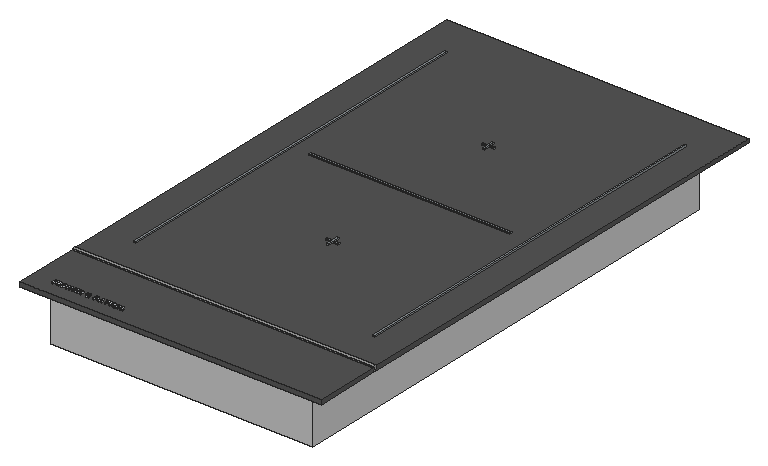
Revit family "FP_Revit_18_CI302DTB3_Cooktop_90000840A", category Specialty Equipment, Revit 2018
Family settings
  Round Connector Dimension = Use Diameter
  Part Type = Normal
  OmniClass Number = 23.40.40.14.17.11
  OmniClass Title = Cookers, Ovens, Stoves
  Work Plane-Based = No
  Always vertical = Yes
  Cut with Voids When Loaded = Yes
  Shared = No
  Room Calculation Point = No
Parameters
  Visibility - Clearance Required = yes
  URL = "www.fisherpaykel.com"
  Product - Width = 299 mm  # constant formula
  Product - Height = 54 mm  # constant formula
  Product - Depth = 530 mm  # constant formula
  Model = "CI302DTB3"
  Material - Trim = Fisher & Paykel - Steel, Chrome Plated
  Material - Graphics = Fisher & Paykel - Graphics Grey
  Material - Cooktop = Fisher & Paykel - Glass, Black
  Material - Body = Fisher & Paykel - Grey
  Manufacturer = "Fisher & Paykel Appliances"
  FFL Offset [instance] = 900 mm
  Description = "30cm Induction Cooktop"
  Connector Note - Electrical = "220-240 V, 16 A, 50 Hz,"
  Clearance - Side Combustible = 30 mm  # constant formula
  Clearance - Rear Combustible = 30 mm  # constant formula
  Clearance - Overhead Rangehood = 650 mm  # constant formula
  Clearance - Below = 65 mm  # constant formula
  Chassis - Width = 260 mm  # constant formula
  Chassis - Height = 49 mm  # constant formula
  Chassis - Depth = 480 mm  # constant formula
  Cavity - Width = 265 mm  # constant formula
  Cavity - Height = 65 mm  # constant formula
  Cavity - Depth = 490 mm  # constant formula
Reference planes
  plane 1 "Datum": y = 0
  plane 2: z = 0
  plane 3 "Center (Left/Right)": x = 0
  plane 4 "Product LHS": x = -149.5
  plane 5 "Product RHS": x = 149.5
  plane 6 "Product - Depth": y = 530
  plane 7 "Cavity LHS": x = -132.5
  plane 8 "Cavity RHS": x = 132.5
  plane 9 "Cavity - Depth": y = 497.2
  plane 10 "Chassis Front": y = 13.2
  plane 11 "Chassis - Depth": y = 493.2
  plane 12 "Cavity - Front": y = 7.2
  plane 13 "Basepan": z = 851
  plane 14 "Benchtop": z = 900
  plane 15 "Glass": z = 905
Forms (mm)
  Extrusion 1, solid, material "Fisher & Paykel - Glass, Black" <- "Material - Cooktop"
    sketch origin (0, 0, 0) x (0, 1, 0) y (0, 0, 1)
      loop
        line (0, 905) -> (0, 901) -> (65, 901) -> (65, 905) -> (0, 905)
      loop
        line (530, 905) -> (68, 905) -> (68, 901) -> (530, 901) -> (530, 905)
    from -149.5 to 149.5
  Extrusion 2, solid, material "Fisher & Paykel - Clearance Required (Cutout)", visible <- "Visibility - Clearance Required", detail levels coarse
    sketch origin (0, 24.768, 0) x (1, 0, 0) y (0, 1, 0)
      loop
        line (-132.5, 472.432) -> (-132.5, -17.568) -> (132.5, -17.568) -> (132.5, 472.432) -> (-132.5, 472.432)
    from 835 to 900
  Extrusion 3, solid, material "Fisher & Paykel - Steel, Chrome Plated" <- "Material - Trim", detail levels medium+fine
    sketch origin (0, 0, 0) x (0, 1, 0) y (0, 0, 1)
      loop
        line (68, 901) -> (68, 906) -> (65, 906) -> (65, 901) -> (68, 901)
    from -149.5 to 149.5
  Extrusion 4, solid, material "Fisher & Paykel - Clearance Required (Rangehood)", visible <- "Visibility - Clearance Required", detail levels coarse
    sketch origin (0, 0, 0) x (1, 0, 0) y (0, 1, 0)
      loop
        line (-162.5, 0) -> (162.5, 0) -> (162.5, 527.2) -> (-162.5, 527.2) -> (-162.5, 0)
    from 905 to 1555
  Extrusion 5, solid, material "Fisher & Paykel - Grey" <- "Material - Body"
    sketch origin (0, 0, 0) x (0, 1, 0) y (0, 0, 1)
      loop
        line (493.2, 851) -> (493.2, 900) -> (13.2, 900) -> (13.2, 851) -> (493.2, 851)
    from -130 to 130
  Extrusion 6, solid, material "Fisher & Paykel - Grey" <- "Material - Body"
    sketch origin (-151, 0, 0) x (1, 0, 0) y (0, 1, 0)
      loop
        line (15.5, 520.2) -> (15.5, 8.39) -> (286.5, 8.39) -> (286.5, 520.2) -> (15.5, 520.2)
    from 900 to 901
  Extrusion 7, solid, material "Fisher & Paykel - Graphics Grey" <- "Material - Graphics", detail levels fine
    sketch origin (0, 0, 0) x (1, 0, 0) y (0, 1, 0)
      loop
        line (-119.982, 489.688) -> (-119.982, 103.77) -> (-117.782, 103.77) -> (-117.782, 489.688) -> (-119.982, 489.688)
      loop
        line (117.568, 103.77) -> (119.768, 103.77) -> (119.768, 489.908) -> (117.568, 489.908) -> (117.568, 103.77)
      loop
        line (-100, 298.273) -> (-100, 296.073) -> (100, 296.073) -> (100, 298.273) -> (-100, 298.273)
      loop
        line (1.001, 400.223) -> (-0.967, 400.223) -> (-0.967, 395.057) -> (-6.133, 395.057) -> (-6.133, 393.089) -> (-0.967, 393.089) -> (-0.967, 387.923) -> (1.001, 387.923) -> (1.001, 393.089) -> (6.167, 393.089) -> (6.167, 395.057) -> (1.001, 395.057) -> (1.001, 400.223)
      loop
        line (1.001, 207.02) -> (-0.967, 207.02) -> (-0.967, 201.854) -> (-6.133, 201.854) -> (-6.133, 199.886) -> (-0.967, 199.886) -> (-0.967, 194.72) -> (1.001, 194.72) -> (1.001, 199.886) -> (6.167, 199.886) -> (6.167, 201.854) -> (1.001, 201.854) -> (1.001, 207.02)
    from 905 to 906
  Extrusion 8, solid, material "Fisher & Paykel - Grey" <- "Material - Body", detail levels fine
    sketch origin (0, 0, 0) x (1, 0, 0) y (0, 1, 0)
      loop
        circle (0, 473.2) r 5
    from 845 to 851
  Extrusion 9, void
    sketch origin (0, 24.768, 0) x (1, 0, 0) y (0, 1, 0)
      loop
        line (-132.5, 472.432) -> (-132.5, -17.568) -> (132.5, -17.568) -> (132.5, 472.432) -> (-132.5, 472.432)
    from 835 to 900
Text (mm)
  text "Due to ongoing product development, product details are subject to change without notice. \nPlease always refer to www.fisherpaykel.com for the most current product information. \n© Fisher & Paykel 2020" at (41.04, -102.478, 0), in view "Ref. Level (Plan)"
Dimensions and locks
  equal spacing: plane 4 "Product LHS", plane 3 "Center (Left/Right)", plane 5 "Product RHS"
  "Product - Width": plane 4 "Product LHS" to plane 5 "Product RHS"
  equal spacing: plane 7 "Cavity LHS", plane 3 "Center (Left/Right)", plane 8 "Cavity RHS"
  "Cavity - Width": plane 7 "Cavity LHS" to plane 8 "Cavity RHS"
  "Product - Depth": Extrusion 1 to plane 1 "Datum"
  equal spacing: Extrusion 5, plane 3 "Center (Left/Right)", Extrusion 5
  "Chassis - Width": Extrusion 5 to Extrusion 5
  equal spacing: Extrusion 6, plane 3 "Center (Left/Right)", Extrusion 6
  locked: plane 1 "Datum" to plane 10 "Chassis Front" at 13.2
  plane 10 "Chassis Front" to plane 12 "Cavity - Front" = 6 mm
  "Cavity - Depth": plane 9 "Cavity - Depth" to plane 12 "Cavity - Front"
  "Chassis - Depth": plane 11 "Chassis - Depth" to plane 10 "Chassis Front"
  "FFL Offset": plane 14 "Benchtop" to level
  locked: plane 15 "Glass" to plane 14 "Benchtop" at 5
  "Chassis - Height": plane 14 "Benchtop" to plane 13 "Basepan"
  locked: Extrusion 7 to plane 15 "Glass" at 1
  "Chassis - Height": Extrusion 5 to plane 14 "Benchtop"
  "Clearance - Below": Extrusion 2 to plane 14 "Benchtop"
  locked: nested 1 to plane 15 "Glass" at 0.8
  "Clearance - Overhead Rangehood": Extrusion 4 to plane 15 "Glass"
  locked: Extrusion 1 to plane 14 "Benchtop" at 1
  "Clearance - Side Combustible": Extrusion 4 to plane 7 "Cavity LHS"
  "Clearance - Side Combustible": plane 8 "Cavity RHS" to Extrusion 4
  "Clearance - Rear Combustible": Extrusion 4 to plane 9 "Cavity - Depth"
  locked: Extrusion 8 to plane 14 "Benchtop" at 55
  locked: Extrusion 3 to plane 15 "Glass" at 1
  aligned and locked: level to plane 2
  aligned and locked: plane 4 "Product LHS" to Extrusion 3
  aligned and locked: Extrusion 3 to plane 5 "Product RHS"
  aligned and locked: plane 9 "Cavity - Depth" to Extrusion 2
  aligned and locked: plane 11 "Chassis - Depth" to Extrusion 5
  aligned and locked: Extrusion 5 to Extrusion 6
  aligned and locked: Extrusion 8 to Extrusion 5
  aligned and locked: plane 15 "Glass" to Extrusion 1
  aligned and locked: Extrusion 4 to Extrusion 1
  aligned and locked: Extrusion 1 to Extrusion 7
  aligned and locked: Extrusion 6 to plane 14 "Benchtop"
  aligned and locked: Extrusion 6 to Extrusion 1
  aligned and locked: Extrusion 2 to Extrusion 5
  aligned and locked: Extrusion 9 to Extrusion 2  (x2)
  aligned and locked: Extrusion 1 to Extrusion 3
Automatic sketch dimensions
  Extrusion 2 sketch curve to plane 12 "Cavity - Front" = 0 mm
  plane 9 "Cavity - Depth" to Extrusion 2 sketch curve = 0 mm
  plane 7 "Cavity LHS" to Extrusion 2 sketch curve = 0 mm
  Extrusion 2 sketch curve to plane 8 "Cavity RHS" = 0 mm
  plane 1 "Datum" to Extrusion 4 sketch curve = 0 mm
  Extrusion 4 sketch curve to plane 6 "Product - Depth" = 2.8 mm
  plane 4 "Product LHS" to Extrusion 4 sketch curve = 13 mm
  Extrusion 4 sketch curve to plane 5 "Product RHS" = 13 mm
  Extrusion 5 sketch curve to plane 10 "Chassis Front" = 0 mm
  Extrusion 5 sketch curve to plane 11 "Chassis - Depth" = 0 mm
  Extrusion 5 sketch curve to plane 13 "Basepan" = 0 mm
  Extrusion 5 sketch curve to plane 14 "Benchtop" = 0 mm
  plane 12 "Cavity - Front" to Extrusion 6 sketch curve = 1.189 mm
  plane 7 "Cavity LHS" to Extrusion 6 sketch curve = 3 mm
  Extrusion 6 sketch curve to plane 8 "Cavity RHS" = 3 mm
  Extrusion 6 sketch curve to plane 6 "Product - Depth" = 9.8 mm
  Extrusion 7 sketch curve to plane 7 "Cavity LHS" = 12.518 mm
  Extrusion 7 sketch curve to Extrusion 7 sketch curve = 2.2 mm  (x3)
  Extrusion 7 sketch curve to plane 7 "Cavity LHS" = 32.5 mm
  Extrusion 7 sketch curve to plane 3 "Center (Left/Right)" = 6.133 mm  (x2)
  Extrusion 7 sketch curve to plane 3 "Center (Left/Right)" = 0.967 mm  (x4)
  plane 3 "Center (Left/Right)" to Extrusion 7 sketch curve = 1.001 mm  (x4)
  Extrusion 7 sketch curve to Extrusion 7 sketch curve = 5.166 mm  (x6)
  plane 8 "Cavity RHS" to Extrusion 7 sketch curve = 32.5 mm
  Extrusion 7 sketch curve to plane 11 "Chassis - Depth" = 3.292 mm
  plane 8 "Cavity RHS" to Extrusion 7 sketch curve = 14.932 mm
  Extrusion 7 sketch curve to plane 11 "Chassis - Depth" = 3.512 mm
  Extrusion 7 sketch curve to plane 11 "Chassis - Depth" = 92.977 mm
  Extrusion 7 sketch curve to Extrusion 7 sketch curve = 0 mm  (x2)
  Extrusion 7 sketch curve to Extrusion 7 sketch curve = 1.968 mm  (x4)
  Extrusion 7 sketch curve to Extrusion 7 sketch curve = 94.816 mm
  Extrusion 7 sketch curve to Extrusion 7 sketch curve = 89.053 mm
  plane 10 "Chassis Front" to Extrusion 7 sketch curve = 90.57 mm  (x2)
  Extrusion 8 sketch curve to plane 3 "Center (Left/Right)" = 0 mm
  Extrusion 8 sketch curve to plane 11 "Chassis - Depth" = 20 mm
  Extrusion 9 sketch curve to plane 12 "Cavity - Front" = 0 mm
  plane 9 "Cavity - Depth" to Extrusion 9 sketch curve = 0 mm
  plane 7 "Cavity LHS" to Extrusion 9 sketch curve = 0 mm
  Extrusion 9 sketch curve to plane 8 "Cavity RHS" = 0 mm
  Extrusion 1 sketch curve to plane 1 "Datum" = 0 mm
  Extrusion 1 sketch curve to plane 15 "Glass" = 0 mm  (x2)
  Extrusion 1 sketch curve to plane 6 "Product - Depth" = 0 mm
  plane 14 "Benchtop" to Extrusion 1 sketch curve = 1 mm  (x2)
  plane 10 "Chassis Front" to Extrusion 1 sketch curve = 51.8 mm
  Extrusion 1 sketch curve to Extrusion 1 sketch curve = 3 mm
  plane 15 "Glass" to Extrusion 3 sketch curve = 1 mm
  plane 14 "Benchtop" to Extrusion 3 sketch curve = 1 mm
  plane 10 "Chassis Front" to Extrusion 3 sketch curve = 51.8 mm
  Extrusion 3 sketch curve to Extrusion 3 sketch curve = 3 mm
  radius of Extrusion 8 sketch curve = 5 mm
Nested families
  nested 1: "F&P Logo 70mm Horizontal" at (-94.001, 14.253, 905), type "F&P Logo 70mm Horizontal"
Connectors
  electrical at (0, 473.2, 845), driven by "Connector Note - Electrical"
    settings: on Extrusion 8, index 1, voltage 230 V, apparent load 0 VA, apparent load phase1 0 VA, apparent load phase2 0 VA, apparent load phase3 0 VA, power factor 1, load classification "Other", number of poles 1, system type 30, power factor state 1, is connector primary yes, connector utility no, sub classification motor no, connector description "220-240 V, 16 A, 50 Hz,"
Definition of nested family "F&P Logo 70mm Horizontal"
  Parameters (values of type "F&P Logo 70mm Horizontal")
    URL = "www.fisherpaykel.com"
    Material - Logo = none
    Manufacturer = "Fisher & Paykel Appliances"
  Reference planes
    plane 1 "Center (Front/Back)": y = 0
    plane 2: z = 0
    plane 3 "Center (Left/Right)": x = 0
  Forms (mm)
    Extrusion 1, solid, material <- "Material - Logo", detail levels fine
      sketch origin (0, 0, 0) x (1, 0, 0) y (0, 1, 0)
        loop
          line (-34.997, -0.356) -> (-33.895, -0.356) -> (-33.895, 1.141) -> (-32.174, 1.141) -> (-32.174, 2.075) -> (-33.895, 2.075) -> (-33.895, 2.943) -> (-32.023, 2.943) -> (-32.023, 3.872) -> (-34.997, 3.872) -> (-34.997, -0.356)
        loop
          line (-29.929, 3.872) -> (-29.929, -0.356) -> (-28.828, -0.356) -> (-28.828, 3.872) -> (-29.929, 3.872)
        loop
          line (-21.473, 3.872) -> (-21.473, -0.356) -> (-20.372, -0.356) -> (-20.372, 1.338) -> (-18.754, 1.338) -> (-18.754, -0.356) -> (-17.652, -0.356) -> (-17.652, 3.872) -> (-18.754, 3.872) -> (-18.754, 2.268) -> (-20.372, 2.268) -> (-20.372, 3.872) -> (-21.473, 3.872)
        loop
          line (-15.301, 3.872) -> (-15.301, -0.356) -> (-12.288, -0.356) -> (-12.288, 0.444) -> (-14.209, 0.444) -> (-14.209, 1.338) -> (-12.453, 1.338) -> (-12.453, 2.268) -> (-14.209, 2.268) -> (-14.209, 3.072) -> (-12.288, 3.072) -> (-12.288, 3.872) -> (-15.301, 3.872)
        loop
          line (32, 3.872) -> (32, -0.356) -> (35.003, -0.356) -> (35.003, 0.574) -> (33.102, 0.574) -> (33.102, 3.872) -> (32, 3.872)
        loop
          line (29.735, 3.872) -> (26.712, 3.872) -> (26.712, -0.356) -> (29.735, -0.356) -> (29.735, 0.444) -> (27.814, 0.444) -> (27.814, 1.338) -> (29.57, 1.338) -> (29.57, 2.268) -> (27.814, 2.268) -> (27.814, 3.072) -> (29.735, 3.072) -> (29.735, 3.872)
        loop
          line (23.449, 1.848) -> (25.012, 3.872) -> (23.724, 3.872) -> (22.374, 2.124) -> (22.374, 3.872) -> (21.273, 3.872) -> (21.273, -0.356) -> (22.374, -0.356) -> (22.374, 1.538) -> (23.765, -0.356) -> (25.067, -0.356) -> (23.449, 1.848)
        loop
          line (15.42, 3.872) -> (17.017, 1.338) -> (17.017, -0.356) -> (18.119, -0.356) -> (18.119, 1.283) -> (19.717, 3.872) -> (18.546, 3.872) -> (17.603, 2.239) -> (16.66, 3.872) -> (15.42, 3.872)
        loop
          line (12.969, 3.872) -> (11.922, 3.872) -> (10.2, -0.356) -> (11.282, -0.356) -> (11.585, 0.422) -> (13.278, 0.422) -> (13.581, -0.356) -> (14.69, -0.356) -> (12.969, 3.872)
        loop
          line (12.913, 1.352) -> (12.419, 2.566) -> (11.946, 1.352) -> (12.913, 1.352)
        loop
          line (5.556, 3.872) -> (5.556, -0.356) -> (6.653, -0.356) -> (6.653, 1.001) -> (7.453, 1.001)
          spline (7.453, 1.001) -> (7.884, 1.05) -> (8.285, 1.193) -> (8.63, 1.421) -> (8.895, 1.719) -> (9.061, 2.065) -> (9.118, 2.436) -> (9.061, 2.808) -> (8.895, 3.154) -> (8.63, 3.452) -> (8.285, 3.68) -> (7.884, 3.823) -> (7.453, 3.872)
          line (7.453, 3.872) -> (5.556, 3.872)
        loop
          spline (7.385, 1.882) -> (7.558, 1.9) -> (7.72, 1.953) -> (7.858, 2.037) -> (7.965, 2.147) -> (8.032, 2.275) -> (8.055, 2.412) -> (8.032, 2.55) -> (7.965, 2.677) -> (7.858, 2.787) -> (7.72, 2.872) -> (7.558, 2.924) -> (7.385, 2.943)
          line (7.385, 2.943) -> (6.585, 2.943) -> (6.585, 1.882) -> (7.385, 1.882)
        loop
          line (-8.294, 2.943) -> (-9.094, 2.943) -> (-9.094, 1.781) -> (-8.294, 1.781)
          spline (-8.294, 1.781) -> (-8.121, 1.801) -> (-7.96, 1.859) -> (-7.822, 1.951) -> (-7.716, 2.072) -> (-7.649, 2.212) -> (-7.626, 2.362) -> (-7.649, 2.512) -> (-7.716, 2.652) -> (-7.822, 2.772) -> (-7.96, 2.865) -> (-8.121, 2.923) -> (-8.294, 2.943)
        loop
          line (-8.214, 3.872) -> (-10.262, 3.872) -> (-10.262, -0.356) -> (-9.094, -0.356) -> (-9.094, 0.492) -> (-8.294, 0.492) -> (-7.647, -0.356) -> (-6.373, -0.356) -> (-7.445, 1.016)
          spline (-7.445, 1.016) -> (-7.148, 1.205) -> (-6.902, 1.45) -> (-6.72, 1.739) -> (-6.611, 2.058) -> (-6.58, 2.391) -> (-6.628, 2.723) -> (-6.754, 3.037) -> (-6.95, 3.317) -> (-7.208, 3.551) -> (-7.515, 3.726) -> (-7.856, 3.835) -> (-8.214, 3.872)
        loop
          line (0.368, 2.943) -> (0.368, 3.951) -> (-2.559, 3.951) -> (-2.559, 3.151) -> (-2.048, 2.522)
          spline (-2.048, 2.522) -> (-2.373, 2.187) -> (-2.606, 1.789) -> (-2.731, 1.355) -> (-2.74, 0.914) -> (-2.632, 0.497) -> (-2.414, 0.133) -> (-2.102, -0.155) -> (-1.716, -0.347) -> (-1.283, -0.429) -> (-0.832, -0.395) -> (-0.395, -0.249) -> (0, 0)
          line (0, 0) -> (0.504, -0.621) -> (1.644, -0.621) -> (0.602, 0.712) -> (1.591, 2.137) -> (0.459, 2.137) -> (0.003, 1.48) -> (-1.14, 2.943) -> (0.368, 2.943)
        loop
          spline (-1.353, 1.874) -> (-1.563, 1.673) -> (-1.729, 1.449) -> (-1.839, 1.217) -> (-1.886, 0.992) -> (-1.867, 0.792) -> (-1.783, 0.627) -> (-1.639, 0.511) -> (-1.447, 0.451) -> (-1.218, 0.451) -> (-0.968, 0.512) -> (-0.714, 0.628) -> (-0.475, 0.792)
          line (-0.475, 0.792) -> (-1.353, 1.874)
        loop
          arc (-25.449, 3.004) -> (-24.591, 2.949) -> (-23.808, 2.592) r 2.379
          line (-23.808, 2.592) -> (-23.808, 3.586)
          arc (-23.808, 3.586) -> (-24.619, 3.915) -> (-25.494, 3.936) r 2.437
          arc (-25.494, 3.936) -> (-26.617, 2.99) -> (-26.18, 1.588) r 1.327
          arc (-26.18, 1.588) -> (-25.746, 1.367) -> (-25.276, 1.236) r 2.46
          spline (-25.276, 1.236) -> (-25.124, 1.211) -> (-24.98, 1.158) -> (-24.856, 1.083) -> (-24.761, 0.989) -> (-24.703, 0.886) -> (-24.686, 0.78) -> (-24.713, 0.681) -> (-24.78, 0.596) -> (-24.882, 0.532) -> (-25.011, 0.494) -> (-25.158, 0.485) -> (-25.311, 0.505)
          arc (-25.311, 0.505) -> (-26.045, 0.647) -> (-26.714, 0.98) r 2.761
          line (-26.714, 0.98) -> (-26.714, -0.067)
          arc (-26.714, -0.067) -> (-25.66, -0.377) -> (-24.564, -0.318) r 3.237
          arc (-24.564, -0.318) -> (-23.597, 0.72) -> (-24.205, 2.002) r 1.263
          arc (-24.205, 2.002) -> (-24.834, 2.249) -> (-25.488, 2.42) r 5.78
          spline (-25.488, 2.42) -> (-25.537, 2.449) -> (-25.58, 2.49) -> (-25.615, 2.541) -> (-25.639, 2.6) -> (-25.653, 2.664) -> (-25.654, 2.73) -> (-25.644, 2.795) -> (-25.622, 2.856) -> (-25.59, 2.909) -> (-25.549, 2.953) -> (-25.502, 2.985) -> (-25.449, 3.004)
      from 0 to 0.8
  Dimensions and locks
    Extrusion 1 sketch curve to Extrusion 1 sketch curve = 70 mm
    aligned and locked: level to plane 2
